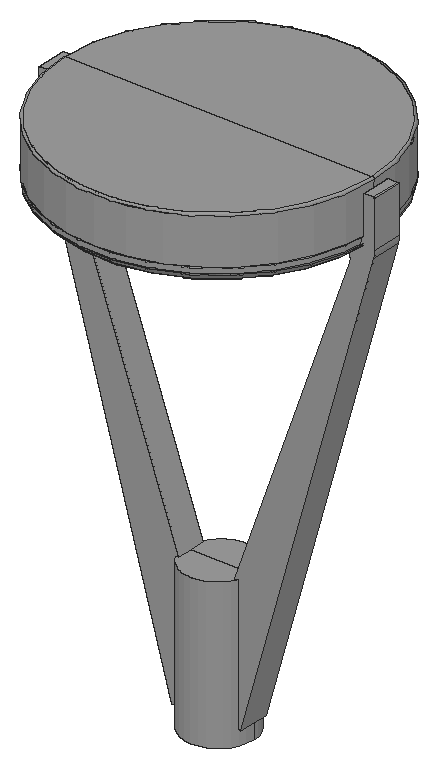
Revit family "EQ LARGE TWIN STRUT", category Generic Models, Revit 2018
Family settings
  Can host rebar = No
  Round Connector Dimension = Use Diameter
  Part Type = Normal
  Work Plane-Based = No
  Always vertical = Yes
  Cut with Voids When Loaded = No
  Shared = No
  Room Calculation Point = No
Parameters
  LENS = Default
  EQ LARGE = Default
Reference planes (in)
  plane 1 "Center (Front/Back)": y = 0
  plane 2: z = 0
  plane 3 "Center (Left/Right)": x = 0
Forms (in)
  Revolve 1, solid, material "Default" <- "EQ LARGE"
    sketch origin (0, 0, 0) x (1, 0, 0) y (0, 0, 1)
      loop
        line (0, 31.6562) -> (-8.875, 31.6562)
        arc (-8.875, 31.6562) -> (-8.96339, 31.61959) -> (-9, 31.5312) r 0.125
        line (-9, 31.5312) -> (-9, 28.9062) -> (-8.875, 28.9062) -> (-8.875, 31.5312) -> (0, 31.5312) -> (0, 31.6562)
      axis (0, 31.6562) -> (0, 28.9062)
    angle from 0 to 360
  Revolve 2, solid, material "Default" <- "EQ LARGE"
    sketch origin (0, 0, 0) x (1, 0, 0) y (0, 0, 1)
      loop
        line (-8.39106, 28.3906) -> (-8.49079, 29.81686)
        arc (-8.49079, 29.81686) -> (-8.51051, 29.85821) -> (-8.55314, 29.875) r 0.0625
        line (-8.55314, 29.875) -> (-8.63967, 29.875)
        arc (-8.63967, 29.875) -> (-8.6823, 29.85821) -> (-8.70202, 29.81686) r 0.0625
        line (-8.70202, 29.81686) -> (-8.76163, 28.96434)
        arc (-8.76163, 28.96434) -> (-8.78136, 28.92299) -> (-8.82398, 28.9062) r 0.0625
        line (-8.82398, 28.9062) -> (-8.93414, 28.9062)
        arc (-8.93414, 28.9062) -> (-8.97947, 28.88672) -> (-8.99655, 28.84043) r 0.0625
        line (-8.99655, 28.84043) -> (-8.9804, 28.53222)
        arc (-8.9804, 28.53222) -> (-8.96976, 28.48792) -> (-8.94396, 28.45037) r 0.125
        line (-8.94396, 28.45037) -> (-8.5302, 28.03661)
        arc (-8.5302, 28.03661) -> (-8.48965, 28.00952) -> (-8.44181, 28) r 0.125
        line (-8.44181, 28) -> (-5.70798, 28)
        arc (-5.70798, 28) -> (-5.66014, 28.00952) -> (-5.61959, 28.03661) r 0.125
        line (-5.61959, 28.03661) -> (-5.48971, 28.16649)
        arc (-5.48971, 28.16649) -> (-5.44916, 28.19358) -> (-5.40132, 28.2031) r 0.125
        line (-5.40132, 28.2031) -> (-4.64193, 28.2031)
        arc (-4.64193, 28.2031) -> (-4.5966, 28.22258) -> (-4.57952, 28.26887) r 0.0625
        line (-4.57952, 28.26887) -> (-4.5828, 28.33137)
        arc (-4.5828, 28.33137) -> (-4.60219, 28.37344) -> (-4.64521, 28.3906) r 0.0625
        line (-4.64521, 28.3906) -> (-8.39106, 28.3906)
      axis (0, 29.875) -> (0, 28)
    angle from 0 to 360
  Revolve 3, solid, material "Default" <- "EQ LARGE"
    sketch origin (0, 0, 0) x (1, 0, 0) y (0, 0, 1)
      loop
        line (2, 8.625) -> (0, 8.625) -> (0, 0) -> (2, 0) -> (2, 8.625)
      axis (0, 8.625) -> (0, 0)
    angle from 0 to 360
  Extrusion 4, solid, material "Default" <- "EQ LARGE"
    sketch origin (0, 0, 0) x (1, 0, 0) y (0, 0, 1)
      loop
        arc (9.13669, 31.25) -> (9.0925, 31.23169) -> (9.07419, 31.1875) r 0.0625
        line (9.07419, 31.1875) -> (9.07419, 28.9687)
        arc (9.07419, 28.9687) -> (9.05588, 28.92451) -> (9.01169, 28.9062) r 0.0625
        line (9.01169, 28.9062) -> (8.04505, 28.9062) -> (8.04505, 28)
        arc (8.04505, 28) -> (8.07146, 27.99414) -> (8.09292, 27.97767) r 0.0625
        line (8.09292, 27.97767) -> (8.20146, 27.84833)
        arc (8.20146, 27.84833) -> (8.31055, 27.61537) -> (8.28939, 27.359) r 0.5
        line (8.28939, 27.359) -> (1.52016, 8.375) -> (1.75, 8.375) -> (1.75, 0.88643) -> (2, 0.88643) -> (9.66924, 28.07949)
        arc (9.66924, 28.07949) -> (9.71316, 28.28954) -> (9.7279, 28.50362) r 1.5625
        line (9.7279, 28.50362) -> (9.7279, 31.1875)
        arc (9.7279, 31.1875) -> (9.70959, 31.23169) -> (9.6654, 31.25) r 0.0625
        line (9.6654, 31.25) -> (9.13669, 31.25)
    from -0.875 to 0.875
  Revolve 5, solid, material "Default" <- "LENS"
    sketch origin (0, 0, 0) x (1, 0, 0) y (0, 0, 1)
      loop
        line (-5, 28.3906) -> (0, 28.3906) -> (0, 28.5156) -> (-5, 28.5156) -> (-5, 28.3906)
      axis (0, 28.5156) -> (0, 28.3906)
    angle from 0 to 360
  Extrusion 6, solid, material "Default" <- "EQ LARGE"
    sketch origin (0, 0, 0) x (-1, 0, 0) y (0, 0, -1)
      loop
        line (9.13669, -31.25) -> (9.6654, -31.25)
        arc (9.6654, -31.25) -> (9.70959, -31.23169) -> (9.7279, -31.1875) r 0.0625
        line (9.7279, -31.1875) -> (9.7279, -28.50362)
        arc (9.7279, -28.50362) -> (9.71316, -28.28954) -> (9.66924, -28.07949) r 1.5625
        line (9.66924, -28.07949) -> (2, -0.88643) -> (1.75, -0.88643) -> (1.75, -8.375) -> (1.52016, -8.375) -> (8.28939, -27.359)
        arc (8.28939, -27.359) -> (8.31055, -27.61537) -> (8.20146, -27.84833) r 0.5
        line (8.20146, -27.84833) -> (8.09292, -27.97767)
        arc (8.09292, -27.97767) -> (8.07146, -27.99414) -> (8.04505, -28) r 0.0625
        line (8.04505, -28) -> (8.04505, -28.9062) -> (9.01169, -28.9062)
        arc (9.01169, -28.9062) -> (9.05588, -28.92451) -> (9.07419, -28.9687) r 0.0625
        line (9.07419, -28.9687) -> (9.07419, -31.1875)
        arc (9.07419, -31.1875) -> (9.0925, -31.23169) -> (9.13669, -31.25) r 0.0625
    from -0.875 to 0.875
Cuts and joins
  joined: Revolve 3, Extrusion 4, Extrusion 6
Dimensions and locks (in)
  aligned and locked: plane 2 to level
